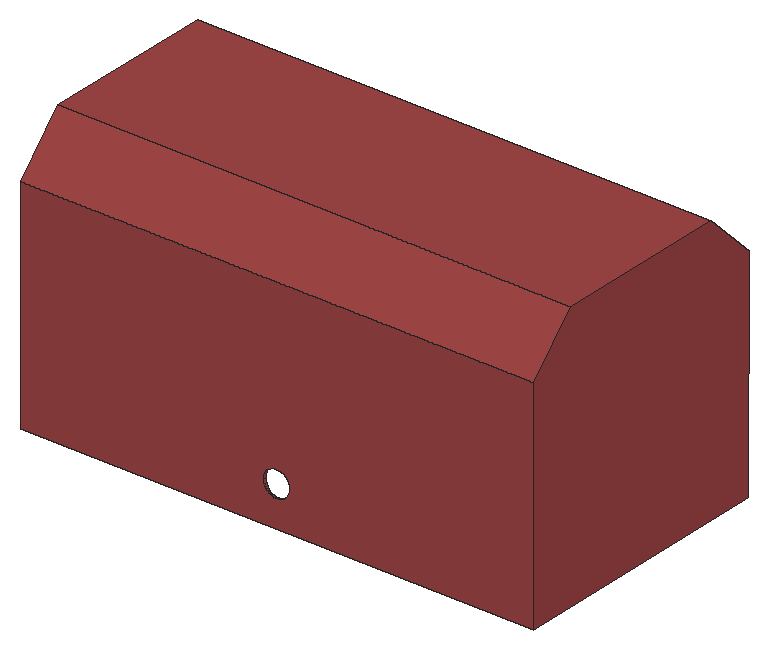
Revit family "FireFighting_Tamper-Resistant-Dual-Hydrant-Valve-Cover_Galvin", category Mechanical Equipment, Revit 2012
Parameters (values of type "381331")
  URL = "www.galvinengineering.com.au"
  Type Comments = "381331"
  StyleOrType_ANZRS = "Fire Fighting Equipment"
  ModifiedIssue_ANZRS = 20140330.01  # constant formula
  Model = "381331"
  Manufacturer = "Galvin Engineering"
  Keynote = "10520"
  Instructions = "http://www.galvinengineering.com.au/Installation_Guides_1.aspx"
  FilterObject_ANZRS = "381331"
  DimWidth = 420.0 mm  # constant formula
  DimHeight = 220.0 mm  # constant formula
  DimDepth = 220.0 mm  # constant formula
  Description = "Tamper Resistant Dual Hydrant Valve Cover (Painted)"
  CreatedBy_ANZRS = "Galvin Engineering"
  CreatedByURL_ANZRS = "www.galvinengineering.com.au"
  CreatedByPhoneNo_ANZRS = "61-8-92495900"
  Assembly Code = "D4030"
Reference planes
  plane 1 "Center (Front/Back)": y = 0
  plane 2 "Bottom": z = 0
  plane 3 "Center (Left/Right)": x = 0
  plane 4 "Back": y = 110
  plane 5 "Front": y = -110
  plane 6 "Left": x = -210
  plane 7 "Right": x = 210
  plane 8: z = 220
Forms (mm)
  Extrusion 1, solid, material "Metal_Fire-Fighting_Zincalume-Steel-Powder-Coated_15400"
    sketch origin (0, 0, 0) x (0, 1, 0) y (0, 0, 1)
      loop
        line (-110, 0) -> (-108, 0) -> (-108, 180.422) -> (-70.422, 218) -> (70.422, 218) -> (108, 180.422) -> (108, 0) -> (110, 0) -> (110, 181.25) -> (71.25, 220) -> (-71.25, 220) -> (-110, 181.25) -> (-110, 0)
    from -210 to 210
  Extrusion 2, solid, material "Metal_Fire-Fighting_Zincalume-Steel-Powder-Coated_15400"
    sketch origin (210, 0, 0) x (0, 1, 0) y (0, 0, -1)
      loop
        line (-108, 0) -> (-108, -180.422) -> (-70.422, -218) -> (70.422, -218) -> (108, -180.422) -> (108, 0) -> (-108, 0)
    from 0 to 2
  Extrusion 3, solid, material "Metal_Fire-Fighting_Zincalume-Steel-Powder-Coated_15400"
    sketch origin (-210, 0, 0) x (0, 1, 0) y (0, 0, 1)
      loop
        line (-108, 0) -> (108, 0) -> (108, 180.422) -> (70.422, 218) -> (-70.422, 218) -> (-108, 180.422) -> (-108, 0)
    from 0 to 2
  Extrusion 4, void
    sketch origin (0, -110, 0) x (1, 0, 0) y (0, 0, -1)
      loop
        circle (0, -33) r 11
    from 0 to 25
Cuts and joins
  Extrusion 4 cuts Extrusion 1
  joined: Extrusion 1, Extrusion 2, Extrusion 3
Lines and regions (mm)
  symbolic lines, style "MechanicalEquipment", detail levels medium+fine
    curve 1: arc (54.645, -110, -168.769) -> (57.155, -110, -171.279) -> (59.665, -110, -168.769) r 2.51
    curve 2: arc (52.637, -110, -137.144) -> (53.198, -110, -139.326) -> (54.744, -110, -140.965) r 4.518
    curve 3: arc (47.617, -110, -137.144) -> (49.575, -110, -142.933) -> (54.645, -110, -146.346) r 9.538
    curve 4: arc (59.665, -110, -141.662) -> (57.155, -110, -139.152) -> (54.645, -110, -141.662) r 2.51
    curve 5: arc (59.566, -110, -140.965) -> (61.111, -110, -139.326) -> (61.673, -110, -137.144) r 4.518
    curve 6: arc (59.665, -110, -146.346) -> (64.735, -110, -142.933) -> (66.692, -110, -137.144) r 9.538
    curve 7: arc (59.665, -110, -92.467) -> (57.155, -110, -89.957) -> (54.645, -110, -92.467) r 2.51
    curve 8: arc (59.566, -110, -91.77) -> (61.111, -110, -90.131) -> (61.673, -110, -87.949) r 4.518
    curve 9: arc (52.637, -110, -87.949) -> (53.198, -110, -90.131) -> (54.744, -110, -91.77) r 4.518
    curve 10: arc (59.665, -110, -97.151) -> (64.735, -110, -93.739) -> (66.692, -110, -87.949) r 9.538
    curve 11: arc (47.617, -110, -87.949) -> (49.575, -110, -93.739) -> (54.645, -110, -97.151) r 9.538
    curve 12: arc (54.744, -110, -120.272) -> (53.198, -110, -121.911) -> (52.637, -110, -124.093) r 4.518
    curve 13: arc (54.645, -110, -114.891) -> (49.575, -110, -118.303) -> (47.617, -110, -124.093) r 9.538
    curve 14: arc (61.673, -110, -124.093) -> (61.111, -110, -121.911) -> (59.566, -110, -120.272) r 4.518
    curve 15: arc (66.692, -110, -124.093) -> (64.735, -110, -118.303) -> (59.665, -110, -114.891) r 9.538
    curve 16: arc (54.645, -110, -119.575) -> (57.155, -110, -122.085) -> (59.665, -110, -119.575) r 2.51
    curve 17: arc (54.645, -110, -65.696) -> (49.575, -110, -69.109) -> (47.617, -110, -74.898) r 9.538
    curve 18: arc (66.692, -110, -74.898) -> (64.735, -110, -69.109) -> (59.665, -110, -65.696) r 9.538
    curve 19: arc (54.645, -110, -70.38) -> (57.155, -110, -72.89) -> (59.665, -110, -70.38) r 2.51
    curve 20: arc (54.744, -110, -71.077) -> (53.198, -110, -72.716) -> (52.637, -110, -74.898) r 4.518
    curve 21: arc (61.673, -110, -74.898) -> (61.111, -110, -72.716) -> (59.566, -110, -71.077) r 4.518
    curve 22: line (66.692, -110, -124.093) -> (66.692, -110, -137.144)
    curve 23: line (47.617, -110, -124.093) -> (47.617, -110, -137.144)
    curve 24: line (52.637, -110, -124.093) -> (52.637, -110, -137.144)
    curve 25: line (61.673, -110, -124.093) -> (61.673, -110, -137.144)
    curve 26: line (59.665, -110, -141.662) -> (59.665, -110, -168.769)
    curve 27: line (54.645, -110, -141.662) -> (54.645, -110, -168.769)
    curve 28: line (59.665, -110, -43.273) -> (59.665, -110, -70.38)
    curve 29: line (54.645, -110, -43.273) -> (54.645, -110, -70.38)
    curve 30: line (59.665, -110, -92.467) -> (59.665, -110, -119.575)
    curve 31: line (54.645, -110, -92.467) -> (54.645, -110, -119.575)
    curve 32: line (47.617, -110, -74.898) -> (47.617, -110, -87.949)
    curve 33: line (52.637, -110, -74.898) -> (52.637, -110, -87.949)
    curve 34: line (66.692, -110, -74.898) -> (66.692, -110, -87.949)
    curve 35: line (61.673, -110, -74.898) -> (61.673, -110, -87.949)
    curve 36: line (59.665, -110, 0) -> (59.665, -110, -21.185)
    curve 37: line (54.645, -110, 0) -> (54.645, -110, -21.185)
    curve 38: line (66.692, -110, -25.703) -> (66.692, -110, -38.755)
    curve 39: line (47.617, -110, -25.703) -> (47.617, -110, -38.755)
    curve 40: line (52.637, -110, -25.703) -> (52.637, -110, -38.755)
    curve 41: line (61.673, -110, -25.703) -> (61.673, -110, -38.755)
    curve 42: arc (52.637, -110, -38.755) -> (53.198, -110, -40.936) -> (54.744, -110, -42.575) r 4.518
    curve 43: arc (47.617, -110, -38.755) -> (49.575, -110, -44.544) -> (54.645, -110, -47.956) r 9.538
    curve 44: arc (59.665, -110, -43.273) -> (57.155, -110, -40.763) -> (54.645, -110, -43.273) r 2.51
    curve 45: arc (59.566, -110, -42.575) -> (61.111, -110, -40.936) -> (61.673, -110, -38.755) r 4.518
    curve 46: arc (59.665, -110, -47.956) -> (64.735, -110, -44.544) -> (66.692, -110, -38.755) r 9.538
    curve 47: arc (54.744, -110, -21.882) -> (53.198, -110, -23.521) -> (52.637, -110, -25.703) r 4.518
    curve 48: arc (54.645, -110, -16.501) -> (49.575, -110, -19.914) -> (47.617, -110, -25.703) r 9.538
    curve 49: arc (61.673, -110, -25.703) -> (61.111, -110, -23.521) -> (59.566, -110, -21.882) r 4.518
    curve 50: arc (66.692, -110, -25.703) -> (64.735, -110, -19.914) -> (59.665, -110, -16.501) r 9.538
    curve 51: arc (54.645, -110, -21.185) -> (57.155, -110, -23.695) -> (59.665, -110, -21.185) r 2.51
Dimensions and locks
  "DimHeight": plane 8 to plane 2 "Bottom"
  "DimWidth": plane 6 "Left" to plane 7 "Right"
  "DimDepth": plane 5 "Front" to plane 4 "Back"
  equal spacing: plane 6 "Left", plane 3 "Center (Left/Right)", plane 7 "Right"
  equal spacing: plane 5 "Front", plane 1 "Center (Front/Back)", plane 4 "Back"
  aligned and locked: plane 2 "Bottom" to level
  aligned and locked: plane 5 "Front" to Extrusion 1 sketch curve
  aligned and locked: Extrusion 1 sketch curve to plane 4 "Back"
  aligned and locked: Extrusion 1 sketch curve to plane 8
  aligned and locked: Extrusion 1 to plane 6 "Left"
  aligned and locked: Extrusion 1 to plane 7 "Right"
  aligned and locked: Extrusion 2 sketch curve to plane 2 "Bottom"
Automatic sketch dimensions
  Extrusion 2 sketch curve to plane 5 "Front" = 2.0 mm
  Extrusion 2 sketch curve to plane 8 = 2.0 mm
  Extrusion 2 sketch curve to plane 5 "Front" = 39.578 mm
  Extrusion 2 sketch curve to plane 4 "Back" = 39.578 mm
  Extrusion 2 sketch curve to plane 4 "Back" = 2.0 mm
  Extrusion 2 sketch curve to plane 8 = 39.578 mm  (x2)
  Extrusion 3 sketch curve to level = 0.0 mm
  plane 5 "Front" to Extrusion 3 sketch curve = 2.0 mm
  plane 8 to Extrusion 3 sketch curve = 2.0 mm
  plane 5 "Front" to Extrusion 3 sketch curve = 39.578 mm
  plane 4 "Back" to Extrusion 3 sketch curve = 39.578 mm
  plane 4 "Back" to Extrusion 3 sketch curve = 2.0 mm
  plane 8 to Extrusion 3 sketch curve = 39.578 mm  (x2)
  Extrusion 4 sketch curve to level = 33.0 mm
  Extrusion 4 sketch curve to plane 3 "Center (Left/Right)" = 0.0 mm
  plane 5 "Front" to Extrusion 1 sketch curve = 38.75 mm
  plane 8 to Extrusion 1 sketch curve = 2.0 mm
  Extrusion 1 sketch curve to Extrusion 1 sketch curve = 0.828 mm  (x4)
  plane 4 "Back" to Extrusion 1 sketch curve = 39.578 mm
  plane 4 "Back" to Extrusion 1 sketch curve = 2.0 mm
  plane 8 to Extrusion 1 sketch curve = 39.578 mm  (x2)
  Extrusion 1 sketch curve to level = 0.0 mm  (x2)
  plane 5 "Front" to Extrusion 1 sketch curve = 2.0 mm
  curve 2 to curve 3 = 0.0 mm
  curve 2 to curve 5 = 0.0 mm  (x2)
  curve 2 to curve 6 = 0.0 mm  (x2)
  curve 3 to curve 5 = 0.0 mm
  curve 8 to curve 9 = 0.0 mm  (x2)
  curve 8 to curve 10 = 0.0 mm  (x2)
  curve 8 to curve 11 = 0.0 mm  (x2)
  curve 12 to curve 13 = 0.0 mm  (x2)
  curve 12 to curve 14 = 0.0 mm  (x2)
  curve 12 to curve 15 = 0.0 mm  (x2)
  curve 17 to curve 18 = 0.0 mm  (x2)
  curve 17 to curve 20 = 0.0 mm  (x2)
  curve 17 to curve 21 = 0.0 mm  (x2)
  curve 42 to curve 43 = 0.0 mm  (x2)
  curve 42 to curve 45 = 0.0 mm  (x2)
  curve 42 to curve 46 = 0.0 mm  (x2)
  curve 47 to curve 48 = 0.0 mm  (x2)
  curve 47 to curve 49 = 0.0 mm  (x2)
  curve 47 to curve 50 = 0.0 mm  (x2)
  curve 37 to level = 0.0 mm
  curve 36 to level = 0.0 mm
  curve 23 to plane 3 "Center (Left/Right)" = 47.617 mm
  curve 17 to plane 3 "Center (Left/Right)" = 47.617 mm
  curve 17 to curve 39 = 0.0 mm
  curve 17 to curve 33 = 5.02 mm
  curve 43 to curve 42 = 5.02 mm
  curve 3 to curve 2 = 5.02 mm
  curve 42 to curve 29 = 2.008 mm
  curve 47 to curve 37 = 2.008 mm
  curve 2 to curve 4 = 2.008 mm
  curve 12 to curve 31 = 2.008 mm
  curve 51 to curve 47 = 0.099 mm
  curve 7 to curve 9 = 0.099 mm
  curve 4 to curve 2 = 0.099 mm
  curve 19 to curve 20 = 0.099 mm
  curve 16 to curve 12 = 0.099 mm
  curve 44 to curve 42 = 0.099 mm
  curve 20 to curve 18 = 2.411 mm
  curve 42 to curve 43 = 2.411 mm
  curve 12 to curve 13 = 4.518 mm
  curve 19 to curve 19 = 2.51 mm
  curve 9 to curve 11 = 2.411 mm
  curve 47 to curve 47 = 4.518 mm
  curve 1 to curve 1 = 2.51 mm
  curve 16 to curve 16 = 2.51 mm
  curve 2 to curve 6 = 2.411 mm
  curve 51 to curve 51 = 2.51 mm
  curve 14 to curve 16 = 0.099 mm
  curve 21 to curve 19 = 0.099 mm
  curve 49 to curve 51 = 0.099 mm
  curve 41 to curve 38 = 5.02 mm
  curve 5 to curve 6 = 5.02 mm
  curve 35 to curve 10 = 5.02 mm
  level to curve 48 = 16.501 mm
  curve 46 to curve 38 = 13.052 mm
  curve 18 to curve 46 = 17.74 mm
  curve 35 to curve 21 = 13.052 mm
  curve 13 to curve 11 = 17.74 mm
  curve 22 to curve 15 = 13.052 mm
  curve 1 to curve 3 = 22.424 mm
  curve 8 to curve 7 = 0.099 mm
  curve 45 to curve 44 = 0.099 mm
  curve 5 to curve 4 = 0.099 mm
  curve 21 to curve 35 = 2.107 mm
  curve 45 to curve 41 = 2.107 mm
  curve 14 to curve 14 = 2.107 mm
  curve 27 to curve 2 = 0.697 mm
  curve 14 to curve 16 = 0.697 mm
  curve 7 to curve 9 = 0.697 mm
  curve 21 to curve 28 = 0.697 mm
  curve 28 to curve 45 = 0.697 mm
  curve 47 to curve 51 = 0.697 mm
  radius of Extrusion 4 sketch curve = 11.0 mm
